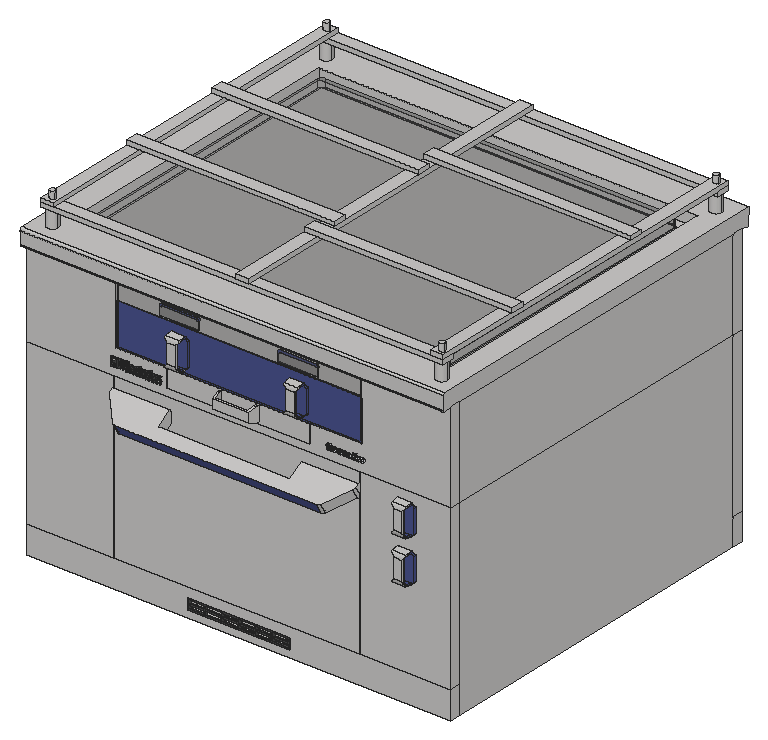
Revit family "QF_ELECTROLUXPROFESSIONAL_589885_MCLOECJ8DM", category Specialty Equipment, Revit 2014
Parameters
  Weight in Pounds = 487.22
  URL Cutsheet = ""
  Type Mark [instance] = ""
  Specification by User [instance] = ""
  Specification by Manufacturer = ""
  Serial Number = ""
  Seismic Rating = ""
  SMACNA No = ""
  Revision Code [instance] = ""
  Omniclass Number and Title = ""
  NAFEM Spec ID Number = ""
  Model = "589585"
  Masterspec = ""
  Manufacturer = "ELECTROLUX"
  Item Number [instance] = ""
  Installed By [instance] = ""
  Identify Quantity as Lot [instance] = yes
  Furnished By [instance] = ""
  Foodservice Equipment Identifier [instance] = yes
  Description = "FULL IND+STAT.OVEN,TAP(L)1S,1200X900X700"
  CSI MasterFormat = ""
  CSI Master Format = ""
Reference planes
  plane 1 "BACK": y = 0
  plane 2: z = 0
  plane 3 "LEFT": x = -100
  plane 4 "RIGHT": x = 900
  plane 5 "FRONT": y = -900
  plane 6 "TOP": z = 900
  plane 7 "Center (Left/Right)": x = 400
  plane 8: y = -450
  plane 9: z = 200
  plane 10: y = -150
  plane 11 "Panel": y = -855
  plane 12: z = 798
  plane 13: z = 1327
  plane 14: x = -22
  plane 15: x = 822
  plane 16: y = -150
  plane 17: y = -650
  plane 18 "EIx": x = 855
  plane 19 "EIy": y = -685
  plane 20: y = -880
  plane 21 "G1": z = 940
  plane 22 "TOPG": z = 975
  plane 23 "G2": z = 950
  plane 24 "G3": z = 960
  plane 25: x = -60
  plane 26: y = -45
  plane 27: x = 860
Forms (mm)
  Extrusion 1, solid, material "QF_Finishes_Stainless Steel"
    sketch origin (-178.969, -4572, 200) x (-1, 0, 0) y (0, -1, 0)
      loop
        line (-78.969, -4527) -> (-78.969, -3717) -> (-1078.969, -3717) -> (-1078.969, -4527) -> (-78.969, -4527)
    from 450 to 663
  Extrusion 2, solid, material "QF_Finishes_Stainless Steel"
    sketch origin (-100, 0, 0) x (0, 1, 0) y (0, 0, 1)
      loop
        line (-855, 200) -> (-855, 265) -> (-880, 265) -> (-880, 200) -> (-855, 200)
    from 0 to 1000
  Extrusion 3, solid, material "QF_Finishes_Stainless Steel"
    sketch origin (-488.969, -4662, 200) x (-1, 0, 0) y (0, -1, 0)
      loop
        circle (-1343.969, -3977) r 6.35
    from 0 to -11.851
  Extrusion 4, solid, material "QF_Finishes_Stainless Steel"
    sketch origin (400, 296.4, 1219.2) x (0, 1, 0) y (0, 0, 1)
      loop
        line (-296.4, -319.2) -> (-1191.4, -319.2)
        arc (-1191.4, -319.2) -> (-1194.935, -320.664) -> (-1196.4, -324.2) r 5
        line (-1196.4, -324.2) -> (-1196.4, -355.2)
        arc (-1196.4, -355.2) -> (-1194.971, -358.264) -> (-1191.705, -359.139) r 4
        line (-1191.705, -359.139) -> (-1176.4, -356.231) -> (-316.4, -356.231) -> (-301.094, -359.139)
        arc (-301.094, -359.139) -> (-297.829, -358.264) -> (-296.4, -355.2) r 4
        line (-296.4, -355.2) -> (-296.4, -319.2)
    from -500 to 500
  Extrusion 5, solid, material "QF_Finishes_Electrolux_Black Smoke Iluminated"
    sketch origin (0, 0, 900) x (-1, 0, 0) y (0, -1, 0)
      loop
        arc (12, 109) -> (19.071, 111.929) -> (22, 119) r 10
        line (22, 119) -> (22, 780)
        arc (22, 780) -> (19.071, 787.071) -> (12, 790) r 10
        line (12, 790) -> (-812, 790)
        arc (-812, 790) -> (-819.071, 787.071) -> (-822, 780) r 10
        line (-822, 780) -> (-822, 119)
        arc (-822, 119) -> (-819.071, 111.929) -> (-812, 109) r 10
        line (-812, 109) -> (12, 109)
    from 0 to -20
  Extrusion 6, solid, material "QF_Finishes_Stainless Steel"
    sketch origin (-178.969, -4572, 200) x (-1, 0, 0) y (0, -1, 0)
      loop
        line (-78.969, -4527) -> (-78.969, -3717) -> (-1078.969, -3717) -> (-1078.969, -4527) -> (-78.969, -4527)
    from 450 to 0
  Extrusion 7, void
    sketch origin (0, -855, 0) x (-1, 0, 0) y (0, 0, 1)
      loop
        line (-520, 216.594) -> (-280, 216.594) -> (-280, 241.594) -> (-520, 241.594) -> (-520, 216.594)
    from 0 to -25
  Extrusion 8, solid, material "QF_Finishes_Black"
    sketch origin (0, -855, 0) x (-1, 0, 0) y (0, 0, 1)
      loop
        line (-280, 241.594) -> (-520, 241.594) -> (-520, 216.594) -> (-280, 216.594) -> (-280, 241.594)
      loop
        line (-282, 239.594) -> (-319.131, 239.594) -> (-319.131, 230.094) -> (-282, 230.094) -> (-282, 239.594)
      loop
        line (-282, 218.594) -> (-282, 228.094) -> (-319.131, 228.094) -> (-319.131, 218.594) -> (-282, 218.594)
      loop
        line (-321.131, 239.594) -> (-359.066, 239.594) -> (-359.066, 230.094) -> (-321.131, 230.094) -> (-321.131, 239.594)
      loop
        line (-399, 239.594) -> (-399, 230.094) -> (-361.066, 230.094) -> (-361.066, 239.594) -> (-399, 239.594)
      loop
        line (-401, 239.594) -> (-438.934, 239.594) -> (-438.934, 230.094) -> (-401, 230.094) -> (-401, 239.594)
      loop
        line (-359.066, 218.594) -> (-321.131, 218.594) -> (-321.131, 228.094) -> (-359.066, 228.094) -> (-359.066, 218.594)
      loop
        line (-361.066, 218.594) -> (-361.066, 228.094) -> (-399, 228.094) -> (-399, 218.594) -> (-361.066, 218.594)
      loop
        line (-401, 228.094) -> (-438.934, 228.094) -> (-438.934, 218.594) -> (-401, 218.594) -> (-401, 228.094)
      loop
        line (-518, 239.594) -> (-518, 230.094) -> (-480.869, 230.094) -> (-480.869, 239.594) -> (-518, 239.594)
      loop
        line (-518, 218.594) -> (-480.869, 218.594) -> (-480.869, 228.094) -> (-518, 228.094) -> (-518, 218.594)
      loop
        line (-478.869, 239.594) -> (-478.869, 230.094) -> (-440.934, 230.094) -> (-440.934, 239.594) -> (-478.869, 239.594)
      loop
        line (-440.934, 218.594) -> (-440.934, 228.094) -> (-478.869, 228.094) -> (-478.869, 218.594) -> (-440.934, 218.594)
    from -25.03 to -20
  Extrusion 9, void
    sketch origin (0, 0, 900) x (-1, 0, 0) y (0, -1, 0)
      loop
        line (47, 815) -> (-847, 815) -> (-847, 84) -> (47, 84) -> (47, 815)
    from 0 to -25
  Extrusion 10, solid, material "QF_Finishes_Stainless Steel"
    sketch origin (0, 0, 900) x (-1, 0, 0) y (0, -1, 0)
      loop
        line (18, 113) -> (18, 786) -> (-818, 786) -> (-818, 113) -> (18, 113)
    from -20 to -25
  Extrusion 11, solid, material "QF_Finishes_Stainless Steel"
    sketch origin (400, 296.4, 1219.169) x (0, 1, 0) y (0, 0, 1)
      loop
        line (-341.4, -954.169) -> (-341.4, -1019.169) -> (-316.4, -1019.169) -> (-316.4, -954.169) -> (-341.4, -954.169)
    from -500 to 500
  Extrusion 12, solid, material "QF_Finishes_Stainless Steel"
    sketch origin (0, 0, 940) x (0, 1, 0) y (-1, 0, 0)
      loop
        line (-30, 75) -> (-60, 75) -> (-60, -875) -> (-30, -875) -> (-30, 75)
      loop
        line (-870, 75) -> (-870, -875) -> (-840, -875) -> (-840, 75) -> (-870, 75)
      loop
        circle (-855, 60) r 6.5
      loop
        circle (-855, -860) r 6.5
      loop
        circle (-45, 60) r 6.5
      loop
        circle (-45, -860) r 6.5
    from 0 to 10
  Extrusion 13, solid, material "QF_Finishes_Stainless Steel"
    sketch origin (0, 0, 950) x (0, 1, 0) y (-1, 0, 0)
      loop
        line (-30, 75) -> (-870, 75) -> (-870, 45) -> (-30, 45) -> (-30, 75)
      loop
        line (-30, -875) -> (-30, -845) -> (-870, -845) -> (-870, -875) -> (-30, -875)
      loop
        line (-30, -415) -> (-30, -385) -> (-870, -385) -> (-870, -415) -> (-30, -415)
      loop
        circle (-45, 60) r 6.5
      loop
        circle (-45, -860) r 6.5
      loop
        circle (-855, 60) r 6.5
      loop
        circle (-855, -860) r 6.5
    from 0 to 10
  Extrusion 14, solid, material "QF_Finishes_Stainless Steel"
    sketch origin (0, 0, 960) x (0, 1, 0) y (-1, 0, 0)
      loop
        line (-336, 75) -> (-366, 75) -> (-366, -415) -> (-336, -415) -> (-336, 75)
      loop
        line (-586, 75) -> (-616, 75) -> (-616, -415) -> (-586, -415) -> (-586, 75)
      loop
        line (-286, -385) -> (-316, -385) -> (-316, -875) -> (-286, -875) -> (-286, -385)
      loop
        line (-636, -385) -> (-666, -385) -> (-666, -875) -> (-636, -875) -> (-636, -385)
    from 0 to 10
  Extrusion 15, solid, material "QF_Finishes_Stainless Steel"
    sketch origin (0, -1, 900) x (-1, 0, 0) y (0, -1, 0)
      loop
        circle (60, 44) r 13
      loop
        circle (-860, 44) r 13
      loop
        circle (60, 854) r 13
      loop
        circle (-860, 854) r 13
    from 0 to 40
  Extrusion 16, solid, material "QF_Finishes_Stainless Steel"
    sketch origin (0, -1, 940) x (0, 1, 0) y (-1, 0, 0)
      loop
        circle (-854, 60) r 6.5
      loop
        circle (-854, -860) r 6.5
      loop
        circle (-44, 60) r 6.5
      loop
        circle (-44, -860) r 6.5
    from 0 to 35
  Extrusion 17, void
    sketch origin (0, 55, 0) x (-1, 0, 0) y (0, 0, -1)
      loop
        line (-520, -216.594) -> (-520, -241.594) -> (-280, -241.594) -> (-280, -216.594) -> (-520, -216.594)
    from 100 to 73.291
  Extrusion 18, solid, material "QF_Finishes_Black"
    sketch origin (0, -45, 0) x (-1, 0, 0) y (0, 0, -1)
      loop
        line (-280, -241.594) -> (-280, -216.594) -> (-520, -216.594) -> (-520, -241.594) -> (-280, -241.594)
      loop
        line (-282, -239.594) -> (-282, -230.094) -> (-319.131, -230.094) -> (-319.131, -239.594) -> (-282, -239.594)
      loop
        line (-282, -218.594) -> (-319.131, -218.594) -> (-319.131, -228.094) -> (-282, -228.094) -> (-282, -218.594)
      loop
        line (-321.131, -239.594) -> (-321.131, -230.094) -> (-359.066, -230.094) -> (-359.066, -239.594) -> (-321.131, -239.594)
      loop
        line (-399, -239.594) -> (-361.066, -239.594) -> (-361.066, -230.094) -> (-399, -230.094) -> (-399, -239.594)
      loop
        line (-401, -239.594) -> (-401, -230.094) -> (-438.934, -230.094) -> (-438.934, -239.594) -> (-401, -239.594)
      loop
        line (-359.066, -218.594) -> (-359.066, -228.094) -> (-321.131, -228.094) -> (-321.131, -218.594) -> (-359.066, -218.594)
      loop
        line (-361.066, -218.594) -> (-399, -218.594) -> (-399, -228.094) -> (-361.066, -228.094) -> (-361.066, -218.594)
      loop
        line (-401, -228.094) -> (-401, -218.594) -> (-438.934, -218.594) -> (-438.934, -228.094) -> (-401, -228.094)
      loop
        line (-518, -239.594) -> (-480.869, -239.594) -> (-480.869, -230.094) -> (-518, -230.094) -> (-518, -239.594)
      loop
        line (-518, -218.594) -> (-518, -228.094) -> (-480.869, -228.094) -> (-480.869, -218.594) -> (-518, -218.594)
      loop
        line (-478.869, -239.594) -> (-440.934, -239.594) -> (-440.934, -230.094) -> (-478.869, -230.094) -> (-478.869, -239.594)
      loop
        line (-440.934, -218.594) -> (-478.869, -218.594) -> (-478.869, -228.094) -> (-440.934, -228.094) -> (-440.934, -218.594)
    from -25.03 to -20
Cuts and joins
  Extrusion 7, Extrusion 17 cuts Extrusion 6
  Extrusion 7, Extrusion 17 cuts Extrusion 2
  Extrusion 9 cuts Extrusion 4
  Extrusion 17 cuts Extrusion 8
  Extrusion 17 cuts Extrusion 11
Lines and regions (mm)
  symbolic lines
    curve 1: line (-100, 0, 200) -> (900, 0, 200)
    curve 2: line (-100, -900, 200) -> (-100, 0, 200)
    curve 3: line (900, -900, 200) -> (-100, -900, 200)
    curve 4: line (900, 0, 200) -> (900, -900, 200)
    curve 5: line (812, -109, 200) -> (415, -109, 200)
    curve 6: line (-22, -119, 200) -> (-22, -780, 200)
    curve 7: line (-12, -790, 200) -> (385, -790, 200)
    curve 8: line (822, -780, 200) -> (822, -666, 200)
    curve 9: arc (-12, -109, 200) -> (-19.071, -111.929, 200) -> (-22, -119, 200) r 10
    curve 10: arc (822, -119, 200) -> (819.071, -111.929, 200) -> (812, -109, 200) r 10
    curve 11: arc (812, -790, 200) -> (819.071, -787.071, 200) -> (822, -780, 200) r 10
    curve 12: arc (-22, -780, 200) -> (-19.071, -787.071, 200) -> (-12, -790, 200) r 10
    curve 13: line (847, -84, 900) -> (415, -84, 900)
    curve 14: line (-45, -815, 900) -> (385, -815, 900)
    curve 31: line (875, -30, 940) -> (-75, -30, 940)
    curve 32: line (-75, -30, 940) -> (-75, -870, 940)
    curve 33: line (875, -870, 940) -> (875, -30, 940)
    curve 34: line (-75, -870, 940) -> (875, -870, 940)
    curve 35: line (-45, -870, 940) -> (-45, -616, 940)
    curve 36: line (-75, -616, 940) -> (415, -616, 940)
    curve 37: line (415, -586, 940) -> (-75, -586, 940)
    curve 38: line (385, -666, 940) -> (875, -666, 940)
    curve 39: line (875, -636, 940) -> (385, -636, 940)
    curve 40: line (385, -316, 940) -> (875, -316, 940)
    curve 41: line (875, -286, 940) -> (385, -286, 940)
    curve 42: line (-75, -366, 940) -> (415, -366, 940)
    curve 43: line (415, -336, 940) -> (-75, -336, 940)
    curve 44: line (-45, -30, 940) -> (-45, -336, 940)
    curve 45: line (-45, -366, 940) -> (-45, -586, 940)
    curve 46: line (-45, -616, 940) -> (-45, -870, 940)
    curve 47: line (-45, -840, 940) -> (385, -840, 940)
    curve 48: line (415, -840, 940) -> (845, -840, 940)
    curve 49: line (415, -870, 940) -> (415, -666, 940)
    curve 50: line (385, -616, 940) -> (385, -870, 940)
    curve 51: line (415, -636, 940) -> (415, -316, 940)
    curve 52: line (385, -366, 940) -> (385, -586, 940)
    curve 53: line (415, -30, 940) -> (415, -286, 940)
    curve 54: line (385, -336, 940) -> (385, -30, 940)
    curve 55: line (845, -30, 940) -> (845, -286, 940)
    curve 56: line (845, -316, 940) -> (845, -636, 940)
    curve 57: line (845, -666, 940) -> (845, -870, 940)
    curve 58: line (385, -84, 900) -> (-45, -84, 900)
    curve 59: line (385, -109, 200) -> (-12, -109, 200)
    curve 60: line (-45, -60, 940) -> (385, -60, 940)
    curve 61: line (415, -60, 940) -> (845, -60, 940)
    curve 62: line (415, -790, 200) -> (812, -790, 200)
    curve 63: line (415, -815, 900) -> (845, -815, 900)
    curve 64: circle (-60, -45, 940) r 6.5 normal (0, 0, -1)
    curve 65: circle (860, -45, 940) r 6.5 normal (0, 0, -1)
    curve 66: circle (-60, -855, 940) r 6.5 normal (0, 0, 1)
    curve 67: circle (860, -855, 940) r 6.5 normal (0, 0, 1)
    curve 68: line (822, -286, 200) -> (822, -119, 200)
    curve 69: line (822, -636, 200) -> (822, -316, 200)
  model lines, style "SpecialityEquipment"
    curve 15: arc (634, -211, 900) -> (580.967, -339.033, 900) -> (709, -286, 900) r 75
    curve 16: line (689, -286, 900) -> (729, -286, 900)
    curve 17: line (729, -286, 900) -> (709, -266, 900)
    curve 18: line (689, -286, 900) -> (709, -266, 900)
    curve 19: arc (166, -211, 900) -> (112.967, -339.033, 900) -> (241, -286, 900) r 75
    curve 20: line (221, -286, 900) -> (261, -286, 900)
    curve 21: line (261, -286, 900) -> (241, -266, 900)
    curve 22: line (221, -286, 900) -> (241, -266, 900)
    curve 23: arc (634, -539, 900) -> (580.967, -667.033, 900) -> (709, -614, 900) r 75
    curve 24: line (689, -614, 900) -> (729, -614, 900)
    curve 25: line (729, -614, 900) -> (709, -594, 900)
    curve 26: line (689, -614, 900) -> (709, -594, 900)
    curve 27: arc (166, -539, 900) -> (112.967, -667.033, 900) -> (241, -614, 900) r 75
    curve 28: line (221, -614, 900) -> (261, -614, 900)
    curve 29: line (261, -614, 900) -> (241, -594, 900)
    curve 30: line (221, -614, 900) -> (241, -594, 900)
Dimensions and locks
  plane 3 "LEFT" to plane 4 "RIGHT" = 1000 mm
  plane 5 "FRONT" to plane 1 "BACK" = 900 mm
  plane 3 "LEFT" to plane 7 "Center (Left/Right)" to plane 4 "RIGHT" = 500 mm, 500 mm
  equal spacing: plane 5 "FRONT", plane 8, plane 1 "BACK"
  plane 6 "TOP" to level = 900 mm  (x2)
  plane 9 to level = 200 mm
  plane 1 "BACK" to plane 10 to plane 11 "Panel" = 150 mm, 705 mm  (x2)
  plane 6 "TOP" to plane 9 to level = 700 mm, 200 mm
  plane 1 "BACK" to plane 5 "FRONT" = 900 mm
  plane 1 "BACK" to Extrusion 3 = 685 mm
  plane 12 to plane 9 = 598 mm
  plane 13 to plane 6 "TOP" = 427 mm
  plane 6 "TOP" to plane 12 = 102 mm
  plane 14 to plane 3 "LEFT" = 78 mm
  plane 15 to plane 4 "RIGHT" = 78 mm
  locked: plane 1 "BACK" to plane 16 at 150
  locked: plane 16 to plane 17 at 500
  plane 11 "Panel" to plane 5 "FRONT" = 45 mm
  plane 18 "EIx" to plane 4 "RIGHT" = 45 mm
  plane 19 "EIy" to plane 1 "BACK" = 685 mm
  locked: plane 11 "Panel" to plane 20 at 25
  plane 22 "TOPG" to plane 6 "TOP" = 75 mm
  plane 21 "G1" to plane 6 "TOP" = 40 mm
  plane 23 "G2" to plane 21 "G1" = 10 mm
  plane 24 "G3" to plane 23 "G2" = 10 mm
  aligned and locked: level to plane 2
  aligned and locked: Extrusion 2 to plane 4 "RIGHT"
  aligned and locked: cut or joined group of Extrusion 4, Extrusion 9 to plane 3 "LEFT"
  aligned and locked: cut or joined group of Extrusion 4, Extrusion 9 to plane 4 "RIGHT"
  aligned and locked: cut or joined group of Extrusion 6, Extrusion 7, Extrusion 17 to plane 4 "RIGHT"
  aligned and locked: cut or joined group of Extrusion 6, Extrusion 7, Extrusion 17 to plane 3 "LEFT"
  aligned and locked: nested 1 to plane 11 "Panel"
  aligned and locked: nested 4 to plane 11 "Panel"
  aligned and locked: Extrusion 1 to plane 11 "Panel"
  aligned and locked: plane 11 "Panel" to cut or joined group of Extrusion 2, Extrusion 7, Extrusion 17
  aligned and locked: nested 2 to plane 20
  aligned and locked: nested 3 to plane 20
  aligned and locked: Extrusion 11 to plane 4 "RIGHT"
  aligned and locked: Extrusion 1 to plane 3 "LEFT"
  aligned and locked: Extrusion 11 to plane 3 "LEFT"
  aligned and locked: Extrusion 1 to plane 4 "RIGHT"
  aligned and locked: plane 3 "LEFT" to nested 1
  aligned and locked: Extrusion 11 to plane 9
  aligned and locked: plane 22 "TOPG" to Extrusion 16
  aligned and locked: nested 5 to plane 26
  aligned and locked: plane 26 to nested 6
  aligned and locked: nested 6 to plane 3 "LEFT"
Automatic sketch dimensions
  Extrusion 1 sketch curve to plane 4 "RIGHT" = 0 mm
  Extrusion 1 sketch curve to plane 3 "LEFT" = 0 mm
  Extrusion 1 sketch curve to plane 26 = 0 mm
  Extrusion 1 sketch curve to plane 11 "Panel" = 0 mm
  Extrusion 2 sketch curve to plane 9 = 0 mm
  Extrusion 2 sketch curve to plane 20 = 0 mm
  Extrusion 2 sketch curve to plane 11 "Panel" = 0 mm
  plane 9 to Extrusion 2 sketch curve = 65 mm
  plane 1 "BACK" to curve 1 = 0 mm
  curve 1 to plane 4 "RIGHT" = 0 mm
  curve 68 to plane 15 = 0 mm
  curve 69 to plane 15 = 0 mm
  curve 8 to plane 15 = 0 mm
  curve 6 to plane 14 = 0 mm
  curve 2 to plane 3 "LEFT" = 0 mm
  plane 5 "FRONT" to curve 2 = 0 mm
  plane 15 to curve 11 = 10 mm
  plane 15 to curve 5 = 10 mm
  curve 59 to plane 14 = 10 mm
  curve 12 to curve 12 = 10 mm
  plane 10 to curve 59 = 41 mm
  plane 10 to curve 5 = 41 mm
  plane 11 "Panel" to curve 6 = 75 mm
  plane 11 "Panel" to curve 8 = 75 mm
  plane 7 "Center (Left/Right)" to curve 5 = 15 mm
  plane 7 "Center (Left/Right)" to curve 62 = 15 mm
  curve 7 to plane 7 "Center (Left/Right)" = 15 mm
  curve 59 to plane 7 "Center (Left/Right)" = 15 mm
  curve 68 to plane 10 = 136 mm
  curve 68 to curve 69 = 30 mm
  curve 69 to plane 17 = 14 mm
  plane 17 to curve 8 = 16 mm
  Extrusion 3 sketch curve to plane 18 "EIx" = 0 mm
  Extrusion 3 sketch curve to plane 19 "EIy" = 0 mm
  Extrusion 4 sketch curve to plane 5 "FRONT" = 0 mm
  Extrusion 4 sketch curve to plane 6 "TOP" = 0 mm
  Extrusion 4 sketch curve to plane 20 = 0 mm
  Extrusion 4 sketch curve to plane 1 "BACK" = 0 mm
  Extrusion 4 sketch curve to Extrusion 4 sketch curve = 4 mm
  Extrusion 4 sketch curve to Extrusion 4 sketch curve = 0.695 mm
  Extrusion 4 sketch curve to plane 5 "FRONT" = 5 mm
  plane 1 "BACK" to Extrusion 4 sketch curve = 20 mm
  plane 1 "BACK" to Extrusion 4 sketch curve = 4.695 mm
  plane 1 "BACK" to Extrusion 4 sketch curve = 4 mm
  Extrusion 4 sketch curve to Extrusion 4 sketch curve = 31 mm
  Extrusion 4 sketch curve to Extrusion 4 sketch curve = 36 mm
  Extrusion 4 sketch curve to Extrusion 4 sketch curve = 2.909 mm
  Extrusion 5 sketch curve to plane 15 = 0 mm
  Extrusion 5 sketch curve to plane 14 = 0 mm
  plane 15 to Extrusion 5 sketch curve = 10 mm  (x2)
  Extrusion 5 sketch curve to Extrusion 5 sketch curve = 10 mm  (x2)
  plane 10 to Extrusion 5 sketch curve = 41 mm
  plane 11 "Panel" to Extrusion 5 sketch curve = 75 mm
  Extrusion 6 sketch curve to plane 4 "RIGHT" = 0 mm
  Extrusion 6 sketch curve to plane 3 "LEFT" = 0 mm
  Extrusion 6 sketch curve to plane 26 = 0 mm
  Extrusion 6 sketch curve to plane 11 "Panel" = 0 mm
  plane 9 to Extrusion 7 sketch curve = 41.594 mm
  plane 7 "Center (Left/Right)" to Extrusion 7 sketch curve = 120 mm
  Extrusion 7 sketch curve to plane 7 "Center (Left/Right)" = 120 mm
  plane 9 to Extrusion 7 sketch curve = 16.594 mm
  plane 9 to Extrusion 8 sketch curve = 41.594 mm
  plane 7 "Center (Left/Right)" to Extrusion 8 sketch curve = 120 mm
  Extrusion 8 sketch curve to Extrusion 8 sketch curve = 2 mm  (x16)
  Extrusion 8 sketch curve to Extrusion 8 sketch curve = 0 mm  (x15)
  Extrusion 8 sketch curve to Extrusion 8 sketch curve = 37.131 mm  (x2)
  Extrusion 8 sketch curve to Extrusion 8 sketch curve = 37.934 mm  (x3)
  plane 7 "Center (Left/Right)" to Extrusion 8 sketch curve = 1 mm  (x2)
  Extrusion 8 sketch curve to plane 7 "Center (Left/Right)" = 1 mm  (x2)
  plane 9 to Extrusion 8 sketch curve = 18.594 mm  (x4)
  Extrusion 8 sketch curve to Extrusion 8 sketch curve = 9.5 mm  (x6)
  plane 18 "EIx" to Extrusion 9 sketch curve = 8 mm
  plane 25 to Extrusion 9 sketch curve = 13 mm
  Extrusion 9 sketch curve to plane 26 = 39 mm
  plane 11 "Panel" to Extrusion 9 sketch curve = 40 mm
  plane 15 to Extrusion 10 sketch curve = 4 mm
  Extrusion 10 sketch curve to plane 14 = 4 mm
  plane 10 to Extrusion 10 sketch curve = 37 mm
  plane 11 "Panel" to Extrusion 10 sketch curve = 69 mm
  plane 15 to curve 16 = 93 mm
  curve 24 to plane 17 = 36 mm
  plane 15 to curve 24 = 93 mm
  curve 24 to curve 25 = 20 mm
  curve 16 to curve 17 = 20 mm
  curve 25 to curve 26 = 20 mm
  curve 17 to curve 16 = 20 mm
  curve 16 to curve 15 = 55 mm
  curve 24 to curve 23 = 55 mm
  curve 21 to plane 7 "Center (Left/Right)" = 139 mm
  curve 29 to plane 17 = 36 mm
  curve 29 to plane 7 "Center (Left/Right)" = 139 mm
  curve 28 to curve 30 = 20 mm
  curve 20 to curve 22 = 20 mm
  curve 21 to curve 22 = 20 mm
  curve 29 to curve 28 = 20 mm
  curve 20 to curve 19 = 55 mm
  curve 28 to curve 27 = 55 mm
  curve 18 to plane 10 = 136 mm
  curve 22 to plane 10 = 136 mm
  plane 18 "EIx" to curve 63 = 10 mm
  plane 18 "EIx" to curve 13 = 8 mm
  curve 15 to curve 16 = 20 mm
  curve 24 to curve 23 = 20 mm
  plane 7 "Center (Left/Right)" to curve 13 = 15 mm
  plane 7 "Center (Left/Right)" to curve 63 = 15 mm
  curve 58 to plane 7 "Center (Left/Right)" = 15 mm
  curve 14 to plane 7 "Center (Left/Right)" = 15 mm
  curve 19 to curve 20 = 20 mm
  curve 27 to curve 28 = 20 mm
  plane 25 to curve 14 = 15 mm
  plane 25 to curve 58 = 15 mm
  curve 13 to plane 26 = 39 mm
  curve 58 to curve 13 = 0 mm
  plane 11 "Panel" to curve 14 = 40 mm
  curve 14 to curve 63 = 0 mm
  Extrusion 11 sketch curve to plane 9 = 0 mm
  Extrusion 11 sketch curve to plane 26 = 0 mm
  plane 1 "BACK" to Extrusion 11 sketch curve = 20 mm
  Extrusion 11 sketch curve to Extrusion 11 sketch curve = 65 mm
  Extrusion 12 sketch curve to plane 11 "Panel" = 0 mm  (x2)
  Extrusion 12 sketch curve to plane 25 = 0 mm  (x2)
  Extrusion 12 sketch curve to plane 26 = 0 mm  (x2)
  Extrusion 12 sketch curve to plane 27 = 0 mm  (x2)
  Extrusion 12 sketch curve to plane 20 = 10 mm
  plane 11 "Panel" to Extrusion 12 sketch curve = 15 mm
  Extrusion 12 sketch curve to plane 26 = 15 mm
  plane 26 to Extrusion 12 sketch curve = 15 mm
  plane 27 to Extrusion 12 sketch curve = 15 mm  (x2)
  Extrusion 12 sketch curve to plane 25 = 15 mm  (x2)
  Extrusion 13 sketch curve to plane 11 "Panel" = 0 mm  (x2)
  Extrusion 13 sketch curve to plane 26 = 0 mm  (x2)
  Extrusion 13 sketch curve to plane 25 = 0 mm  (x2)
  Extrusion 13 sketch curve to plane 27 = 0 mm  (x2)
  Extrusion 13 sketch curve to plane 20 = 10 mm  (x3)
  plane 26 to Extrusion 13 sketch curve = 15 mm  (x3)
  plane 27 to Extrusion 13 sketch curve = 15 mm
  plane 18 "EIx" to Extrusion 13 sketch curve = 10 mm
  plane 7 "Center (Left/Right)" to Extrusion 13 sketch curve = 15 mm
  Extrusion 13 sketch curve to plane 7 "Center (Left/Right)" = 15 mm
  plane 25 to Extrusion 13 sketch curve = 15 mm
  Extrusion 13 sketch curve to plane 25 = 15 mm
  plane 17 to Extrusion 14 sketch curve = 16 mm
  Extrusion 14 sketch curve to plane 17 = 14 mm
  Extrusion 14 sketch curve to plane 25 = 15 mm  (x2)
  Extrusion 14 sketch curve to plane 17 = 34 mm
  Extrusion 14 sketch curve to Extrusion 14 sketch curve = 30 mm  (x3)
  plane 8 to Extrusion 14 sketch curve = 84 mm
  Extrusion 14 sketch curve to plane 7 "Center (Left/Right)" = 15 mm  (x2)
  Extrusion 14 sketch curve to Extrusion 14 sketch curve = 20 mm
  plane 7 "Center (Left/Right)" to Extrusion 14 sketch curve = 15 mm  (x2)
  plane 27 to Extrusion 14 sketch curve = 15 mm  (x2)
  Extrusion 15 sketch curve to plane 26 = 0 mm  (x2)
  Extrusion 15 sketch curve to plane 27 = 0 mm  (x2)
  Extrusion 15 sketch curve to plane 11 "Panel" = 0 mm  (x2)
  Extrusion 15 sketch curve to plane 25 = 0 mm  (x2)
  Extrusion 16 sketch curve to plane 11 "Panel" = 0 mm  (x2)
  Extrusion 16 sketch curve to plane 26 = 0 mm  (x2)
  Extrusion 16 sketch curve to plane 25 = 0 mm  (x2)
  Extrusion 16 sketch curve to plane 27 = 0 mm  (x2)
  curve 66 to plane 11 "Panel" = 0 mm
  curve 67 to plane 11 "Panel" = 0 mm
  curve 64 to plane 25 = 0 mm
  curve 64 to plane 26 = 0 mm
  curve 65 to plane 26 = 0 mm
  curve 65 to plane 27 = 0 mm
  curve 67 to plane 27 = 0 mm
  curve 66 to plane 25 = 0 mm
  curve 34 to plane 20 = 10 mm
  plane 26 to curve 33 = 15 mm
  plane 27 to curve 33 = 15 mm
  curve 32 to plane 25 = 15 mm
  plane 11 "Panel" to curve 47 = 15 mm
  plane 11 "Panel" to curve 48 = 15 mm
  plane 17 to curve 57 = 16 mm
  curve 56 to plane 17 = 14 mm
  curve 39 to curve 50 = 20 mm
  plane 25 to curve 45 = 15 mm
  curve 35 to curve 45 = 30 mm
  curve 52 to plane 7 "Center (Left/Right)" = 15 mm
  plane 8 to curve 52 = 84 mm
  curve 54 to plane 7 "Center (Left/Right)" = 15 mm
  curve 52 to curve 54 = 30 mm
  curve 43 to curve 51 = 20 mm
  curve 51 to curve 53 = 30 mm
  curve 60 to plane 26 = 15 mm
  curve 61 to plane 26 = 15 mm
  plane 18 "EIx" to curve 57 = 10 mm
  plane 18 "EIx" to curve 56 = 10 mm
  plane 18 "EIx" to curve 55 = 10 mm
  plane 7 "Center (Left/Right)" to curve 49 = 15 mm
  plane 7 "Center (Left/Right)" to curve 61 = 15 mm
  plane 7 "Center (Left/Right)" to curve 51 = 15 mm
  curve 38 to plane 7 "Center (Left/Right)" = 15 mm
  plane 25 to curve 46 = 15 mm
  plane 25 to curve 47 = 15 mm
  plane 25 to curve 44 = 15 mm
  plane 9 to Extrusion 17 sketch curve = 41.594 mm
  plane 7 "Center (Left/Right)" to Extrusion 17 sketch curve = 120 mm
  Extrusion 17 sketch curve to plane 7 "Center (Left/Right)" = 120 mm
  plane 9 to Extrusion 17 sketch curve = 16.594 mm
  plane 9 to Extrusion 18 sketch curve = 41.594 mm
  plane 7 "Center (Left/Right)" to Extrusion 18 sketch curve = 120 mm
  Extrusion 18 sketch curve to Extrusion 18 sketch curve = 2 mm  (x19)
  Extrusion 18 sketch curve to Extrusion 18 sketch curve = 0 mm  (x15)
  Extrusion 18 sketch curve to Extrusion 18 sketch curve = 37.131 mm  (x2)
  Extrusion 18 sketch curve to Extrusion 18 sketch curve = 37.934 mm  (x3)
  plane 7 "Center (Left/Right)" to Extrusion 18 sketch curve = 1 mm  (x2)
  Extrusion 18 sketch curve to plane 7 "Center (Left/Right)" = 1 mm  (x2)
  plane 9 to Extrusion 18 sketch curve = 18.594 mm
  plane 9 to Extrusion 18 sketch curve = 39.594 mm
  Extrusion 18 sketch curve to Extrusion 18 sketch curve = 9.5 mm  (x5)
  radius of Extrusion 3 sketch curve = 6.35 mm
  radius of Extrusion 12 sketch curve = 6.5 mm  (x4)
  radius of Extrusion 13 sketch curve = 6.5 mm  (x4)
  radius of Extrusion 15 sketch curve = 13 mm  (x4)
  radius of Extrusion 16 sketch curve = 6.5 mm  (x4)
  radius of curve 64 = 6.5 mm
  radius of curve 65 = 6.5 mm
  radius of curve 66 = 6.5 mm
  radius of curve 67 = 6.5 mm
Nested families
  nested 1: "Door_Panel_W1000_A" at (400, -855, 0), type "Door_Panel_W1000_A"
  nested 2: "FIT Range Control Handle" at (795, -883.137, -372.751), type "FIT Range Control Handle"
  nested 3: "FIT Range Control Handle" at (795, -883.137, -474.751), type "FIT Range Control Handle"
  nested 4: "Front_Panel_W1000_Two Knobs" at (102.376, -855, 0), type "Front_Panel_W1000_Two Knobs"
  nested 5: "Door_Panel_W1000_A" at (400, -45, 0), type "Door_Panel_W1000_A"
  nested 6: "Front_Panel_W1000_Two Knobs_Back" at (697.624, -45, 0) x (-1, 0, 0) z (0, 0, 1), type "Front_Panel_W1000_Two Knobs_Back"
Connectors
  electrical at (855, -685, 188.149)
    settings: on Extrusion 3, index 1, voltage 400 V, apparent load 33000 VA, apparent load phase1 0 VA, apparent load phase2 0 VA, apparent load phase3 0 VA, power factor 1, load classification "Other", number of poles 1, system type 30, power factor state 1, is connector primary yes, connector utility no, sub classification motor no, connector description "ELECTRICAL CONNECTION"
Definition of nested family "Door_Panel_W1000_A"
  Reference planes
    plane 1 "Center (Front/Back)": y = 0
    plane 2 "Ref. Level": z = 0
    plane 3: x = 500
    plane 4: x = -500
    plane 5 "Center (Left/Right)": x = 0
    plane 6: x = -295
    plane 7: x = 285
    plane 8 "Manopola": through (-6096, -50.059, 612.389) normal (0, -0.515, 0.8572)
    plane 9 "Top": z = 650
    plane 10: z = 265
    plane 11: z = 200
  Forms (mm)
    Extrusion 1, solid, material "QF_Finishes_Stainless Steel"
      sketch origin (0, 0, 0) x (0, 1, 0) y (0, 0, 1)
        loop
          line (-25.03, 650) -> (-25.03, 265) -> (0, 265) -> (0, 650) -> (-25.03, 650)
      from 285 to 500
    Extrusion 2, solid, material "QF_Finishes_Stainless Steel"
      sketch origin (0, 0, 0) x (0, 1, 0) y (0, 0, 1)
        loop
          line (-25.03, 650) -> (-25.03, 265) -> (0, 265) -> (0, 650) -> (-25.03, 650)
      from -500 to -295
    Extrusion 3, solid, material "QF_Finishes_Stainless Steel"
      sketch origin (0, 0, 0) x (0, 1, 0) y (0, 0, 1)
        loop
          line (-25.03, 650) -> (-25.03, 265) -> (0, 265) -> (0, 650) -> (-25.03, 650)
      from -295 to 285
    Extrusion 4, solid, material "QF_Finishes_Stainless Steel"
      sketch origin (0, -283.633, 472.044) x (0, 0.857167, 0.515038) y (-1, 0, 0)
        loop
          line (299.12, -285) -> (299.12, 295) -> (290.982, 295)
          arc (290.982, 295) -> (286.677, 294.026) -> (283.211, 291.293) r 10
          line (283.211, 291.293) -> (233.28, 250.86)
          arc (233.28, 250.86) -> (230.548, 247.394) -> (229.574, 243.089) r 10
          line (229.574, 243.089) -> (229.574, -233.089)
          arc (229.574, -233.089) -> (230.548, -237.394) -> (233.28, -240.86) r 10
          line (233.28, -240.86) -> (283.211, -281.293)
          arc (283.211, -281.293) -> (286.677, -284.026) -> (290.982, -285) r 10
          line (290.982, -285) -> (299.12, -285)
      from -27 to 0
    Extrusion 5, void
      sketch origin (0, 0, 0) x (0, 1, 0) y (0, 0, 1)
        loop
          line (-61.514, 605.507) -> (-47.608, 582.363) -> (-25.03, 595.93) -> (-25.03, 627.429) -> (-61.514, 605.507)
      from -160 to 150
    Extrusion 6, solid, material "QF_Door-Drawer Clearances", detail levels coarse
      sketch origin (0, 0, 0) x (0, 1, 0) y (0, 0, 1)
        loop
          line (-25.03, 265) -> (-25.03, 650)
          arc (-25.03, 650) -> (-297.266, 537.236) -> (-410.03, 265) r 385
          line (-410.03, 265) -> (-25.03, 265)
      from -295 to 285
  Cuts and joins
    Extrusion 5 cuts Extrusion 4
    joined: Extrusion 3, Extrusion 4
  Lines and regions (mm)
    symbolic lines
      curve 1: line (-287.355, -45.043, 0) -> (-250.86, -83.673, 0)
      curve 2: line (-243.089, -86.85, 0) -> (233.089, -86.85, 0)
      curve 3: line (240.86, -83.673, 0) -> (277.355, -45.043, 0)
      curve 4: arc (-243.089, -86.85, 0) -> (-247.318, -86.101, 0) -> (-250.86, -83.673, 0) r 10.165
      curve 5: arc (233.089, -86.85, 0) -> (237.318, -86.101, 0) -> (240.86, -83.673, 0) r 10.165
    symbolic lines, style "SpecialityEquipmentHiddenLines"
      curve 6: line (-295, -45.043, 0) -> (-295, -410.03, 0)
      curve 7: line (-295, -410.03, 0) -> (285, -410.03, 0)
      curve 8: line (285, -410.03, 0) -> (285, -45.03, 0)
  Dimensions and locks
    plane 3 to plane 4 = 1000 mm
    plane 4 to plane 3 = 1000 mm
    equal spacing: plane 3, plane 5 "Center (Left/Right)", plane 4
    plane 6 to plane 4 = 205 mm
    plane 3 to plane 7 = 215 mm
    plane 11 to level = 200 mm
    plane 10 to plane 11 = 65 mm
    plane 10 to plane 9 "Top" = 385 mm
    plane 9 "Top" to plane 11 = 450 mm
    aligned and locked: plane 3 to Extrusion 1
    aligned and locked: cut or joined group of Extrusion 3, Extrusion 4, Extrusion 5 to plane 6
    aligned and locked: cut or joined group of Extrusion 3, Extrusion 4, Extrusion 5 to plane 7
    aligned and locked: plane 7 to Extrusion 1
    aligned and locked: plane 6 to Extrusion 2
    aligned and locked: Extrusion 2 to plane 4
    aligned and locked: plane 10 to Extrusion 2
    aligned and locked: plane 10 to cut or joined group of Extrusion 3, Extrusion 4, Extrusion 5
    aligned and locked: plane 10 to Extrusion 1
    aligned and locked: Extrusion 6 to plane 6
    aligned and locked: Extrusion 6 to plane 7
  Automatic sketch dimensions
    Extrusion 5 sketch curve to plane 8 "Manopola" = 0 mm  (x2)
    plane 1 "Center (Front/Back)" to Extrusion 5 sketch curve = 61.514 mm
    Extrusion 5 sketch curve to Extrusion 5 sketch curve = 13.906 mm
    plane 1 "Center (Front/Back)" to Extrusion 5 sketch curve = 25.03 mm
    Extrusion 4 sketch curve to plane 7 = 0 mm
    Extrusion 4 sketch curve to plane 6 = 0 mm
    plane 6 to Extrusion 4 sketch curve = 51.911 mm
    plane 7 to Extrusion 4 sketch curve = 44.14 mm
    Extrusion 4 sketch curve to Extrusion 4 sketch curve = 3.707 mm  (x2)
    plane 6 to Extrusion 4 sketch curve = 44.14 mm
    plane 7 to Extrusion 4 sketch curve = 3.707 mm
    Extrusion 4 sketch curve to Extrusion 4 sketch curve = 49.93 mm  (x2)
    plane 6 to Extrusion 4 sketch curve = 3.707 mm
    Extrusion 4 sketch curve to Extrusion 4 sketch curve = 7.771 mm  (x3)
    Extrusion 4 sketch curve to Extrusion 4 sketch curve = 8.138 mm
    Extrusion 2 sketch curve to plane 1 "Center (Front/Back)" = 0 mm
    Extrusion 3 sketch curve to plane 1 "Center (Front/Back)" = 0 mm
    Extrusion 1 sketch curve to plane 1 "Center (Front/Back)" = 0 mm
    Extrusion 2 sketch curve to plane 9 "Top" = 0 mm
    Extrusion 2 sketch curve to Extrusion 2 sketch curve = 25.03 mm
    Extrusion 3 sketch curve to plane 9 "Top" = 0 mm
    Extrusion 3 sketch curve to Extrusion 3 sketch curve = 25.03 mm
    Extrusion 1 sketch curve to plane 9 "Top" = 0 mm
    plane 1 "Center (Front/Back)" to Extrusion 1 sketch curve = 25.03 mm
    level to Extrusion 1 sketch curve = 265 mm
    level to Extrusion 2 sketch curve = 265 mm
    level to Extrusion 3 sketch curve = 265 mm
    plane 10 to Extrusion 6 sketch curve = 0 mm
    Extrusion 6 sketch curve to plane 9 "Top" = 0 mm
    plane 1 "Center (Front/Back)" to Extrusion 6 sketch curve = 25.03 mm
    curve 7 to plane 7 = 0 mm
    plane 6 to curve 1 = 44.14 mm
    curve 4 to curve 4 = 7.389 mm
    curve 4 to curve 2 = 7.771 mm
    plane 7 to curve 2 = 51.911 mm
    curve 2 to curve 5 = 0.382 mm
    curve 2 to curve 3 = 7.771 mm
    plane 1 "Center (Front/Back)" to curve 6 = 410.03 mm
    plane 1 "Center (Front/Back)" to curve 2 = 86.85 mm
    curve 2 to curve 3 = 3.177 mm
    curve 2 to curve 1 = 3.177 mm
    plane 7 to curve 3 = 7.645 mm
    plane 1 "Center (Front/Back)" to curve 3 = 45.043 mm
    curve 3 to curve 8 = 0.013 mm
    curve 7 to plane 6 = 0 mm
    curve 6 to curve 1 = 7.645 mm
    plane 1 "Center (Front/Back)" to curve 1 = 45.043 mm
    curve 6 to curve 1 = 0 mm
Definition of nested family "FIT Range Control Handle"
  Reference planes
    plane 1 "Center (Front/Back)": y = 0
    plane 2: z = 0
    plane 3 "Center (Left/Right)": x = 0
    plane 4: z = 971.092
    plane 5: y = -16.8
  Forms (mm)
    Extrusion 1, solid, material "QF_Finishes_Electrolux Cyan"
      sketch origin (-746.28, 380.497, 208.931) x (-1, 0, 0) y (0, 0, 1)
        loop
          line (-770.101, 786.798) -> (-770.101, 731.649)
          arc (-770.101, 731.649) -> (-769.759, 730.563) -> (-768.855, 729.87) r 1.893
          line (-768.855, 729.87) -> (-763.474, 727.911) -> (-729.81, 727.911) -> (-724.428, 729.87)
          arc (-724.428, 729.87) -> (-723.525, 730.563) -> (-723.183, 731.649) r 1.893
          line (-723.183, 731.649) -> (-723.183, 786.798)
          arc (-723.183, 786.798) -> (-723.529, 787.894) -> (-724.44, 788.593) r 1.91
          line (-724.44, 788.593) -> (-729.683, 790.819) -> (-763.601, 790.819) -> (-768.844, 788.593)
          arc (-768.844, 788.593) -> (-769.755, 787.894) -> (-770.101, 786.798) r 1.91
      from -382.35 to -378.852
    Sweep 2, solid, material "QF_Finishes_Electrolux Cyan"
      path origin (-746.788, 380.496, 208.091) x (0, -1, 0) y (0, 0, 1)
        loop
          line (379.775, 793.281) -> (395.661, 791.048)
          arc (395.661, 791.048) -> (397.781, 787.377) -> (398.517, 783.202) r 12.207
          line (398.517, 783.202) -> (398.517, 737.368)
          arc (398.517, 737.368) -> (397.781, 733.193) -> (395.661, 729.522) r 12.207
          line (395.661, 729.522) -> (379.775, 727.289)
      profile origin (-746.788, -7.222, 1000.256) x (0, -0.139173, 0.990268) y (-1, 0, 0)
        loop
          line (0.782, -763.123) -> (0.782, -730.907) -> (-1.322, -730.907) -> (-1.322, -763.123) -> (0.782, -763.123)
    Sweep 3, solid, material "QF_Finishes_Stainless Steel"
      path origin (-746.788, 380.715, 207.832) x (0, -1, 0) y (0, 0, 1)
        loop
          line (380.478, 795.442) -> (397.218, 793.09)
          arc (397.218, 793.09) -> (399.929, 788.473) -> (400.871, 783.202) r 15.207
          line (400.871, 783.202) -> (400.871, 737.584)
          arc (400.871, 737.584) -> (399.914, 732.274) -> (397.164, 727.633) r 15.207
          line (397.164, 727.633) -> (380.601, 725.305)
      profile origin (-746.788, -8.132, 1002.099) x (0, -0.139173, 0.990268) y (-1, 0, 0)
        loop
          line (0.782, -763.123) -> (0.782, -730.907) -> (-1.322, -730.907) -> (-1.322, -763.123) -> (0.782, -763.123)
    Extrusion 4, void
      sketch origin (889.253, 220.666, 207.993) x (1, 0, 0) y (0, 0, 1)
        loop
          line (-943.038, 816.854) -> (-943.038, 703.686) -> (-899.466, 734.196) -> (-899.466, 786.344) -> (-943.038, 816.854)
      from 230.636 to 242.25
    Extrusion 5, void
      sketch origin (-888.8, 220.666, 207.993) x (-1, 0, 0) y (0, 0, -1)
        loop
          line (-943.038, -816.854) -> (-899.466, -786.344) -> (-899.466, -734.196) -> (-943.038, -703.686) -> (-943.038, -816.854)
      from 230.636 to 242.25
    Extrusion 6, solid, material "QF_Finishes_Electrolux Cyan"
      sketch origin (0, 0, 0) x (1, 0, 0) y (0, 0, 1)
        loop
          circle (0, 971.092) r 7.736
      from -3.137 to -1.645
  Cuts and joins
    Extrusion 4, Extrusion 5 cuts Sweep 3
    Extrusion 4, Extrusion 5 cuts Sweep 2
    joined: Extrusion 1, Extrusion 6
  Lines and regions (mm)
    symbolic lines
      curve 1: line (-15.881, -19.189, 0) -> (-15.881, -16.8, 0)
      curve 2: line (16.334, -19.189, 0) -> (16.334, -16.8, 0)
      curve 3: spline (-15.881, -19.189, 0) -> (-15.417, -19.349, 0) -> (-14.951, -19.501, 0) -> (-14.483, -19.646, 0) -> (-14.014, -19.783, 0) -> (-13.543, -19.912, 0) -> (-13.071, -20.033, 0) -> (-12.597, -20.146, 0) -> (-12.122, -20.251, 0) -> (-11.646, -20.349, 0) -> (-11.169, -20.438, 0) -> (-10.691, -20.52, 0) -> (-10.213, -20.593, 0)
      curve 4: spline (10.666, -20.593, 0) -> (11.144, -20.52, 0) -> (11.622, -20.438, 0) -> (12.099, -20.349, 0) -> (12.575, -20.251, 0) -> (13.05, -20.146, 0) -> (13.524, -20.033, 0) -> (13.996, -19.912, 0) -> (14.467, -19.783, 0) -> (14.936, -19.646, 0) -> (15.404, -19.501, 0) -> (15.87, -19.349, 0) -> (16.334, -19.189, 0)
      curve 5: line (-10.213, -20.938, 0) -> (10.716, -20.938, 0)
  Dimensions and locks
    cut or joined group of Sweep 3, Extrusion 4, Extrusion 5 to cut or joined group of Sweep 3, Extrusion 4, Extrusion 5 = 71.686 mm
Definition of nested family "Front_Panel_W1000_Two Knobs"
  Reference planes
    plane 1 "Center (Front/Back)": y = 0
    plane 2: z = 0
    plane 3 "Center (Left/Right)": x = 297.624
    plane 4 "Left": x = -202.376
    plane 5 "Right": x = 797.624
    plane 6: y = -45
    plane 7: x = 87.624
    plane 8: x = 157.624
    plane 9: y = -310
    plane 10: y = -25
    plane 11: x = -2.376
    plane 12: x = 437.624
    plane 13: x = 507.624
    plane 14: x = 594.715
  Forms (mm)
    Extrusion 1, solid, material "QF_Finishes_Stainless Steel"
      sketch origin (833.217, 829.203, -1.25) x (0, 1, 0) y (0, 0, 1)
        loop
          line (-854.203, 651.25) -> (-829.203, 651.25) -> (-829.203, 864.25) -> (-854.203, 864.25) -> (-854.203, 651.25)
      from -1035.593 to -35.593
    Extrusion 2, void
      sketch origin (0, 0, 0) x (1, 0, 0) y (0, 0, 1)
        loop
          line (7.624, 853.866) -> (7.624, 711.866) -> (587.624, 711.866) -> (587.624, 853.866) -> (7.624, 853.866)
      from 19.387 to 33.951
    Extrusion 3, void
      sketch origin (0, 0, 0) x (1, 0, 0) y (0, 0, 1)
        loop
          line (128.624, 711.866) -> (128.624, 668.866) -> (466.624, 668.866) -> (466.624, 711.866) -> (128.624, 711.866)
      from 19.387 to 25
    Extrusion 4, solid, material "QF_Finishes_Stainless Steel"
      sketch origin (150, 0, 1) x (1, 0, 0) y (0, 0, 1)
        loop
          line (-21.376, 710.866) -> (-21.376, 667.866) -> (316.624, 667.866) -> (316.624, 710.866) -> (-21.376, 710.866)
      from 19.387 to 25
    Extrusion 5, solid, material "QF_Finishes_Stainless Steel"
      sketch origin (150, 0, 1) x (1, 0, 0) y (0, 1, 0)
        loop
          line (106.059, -25) -> (100.966, -25) -> (105.646, -49.075) -> (189.603, -49.075) -> (194.283, -25) -> (189.189, -25) -> (185.481, -44.075) -> (109.767, -44.075) -> (106.059, -25)
      from 672.593 to 705.67
    Extrusion 6, void
      sketch origin (297.624, 0, 1) x (0, 1, 0) y (0, 0, 1)
        loop
          line (-30, 705.67) -> (-30, 710.67) -> (-56.744, 710.67) -> (-56.744, 667.593) -> (-30, 667.593) -> (-30, 672.593) -> (-53.776, 680.318) -> (-53.776, 697.945) -> (-30, 705.67)
      from -50 to 50
    Extrusion 7, solid, material "QF_Door-Drawer Clearances", detail levels coarse
      sketch origin (150, -265, 1) x (1, 0, 0) y (0, 1, 0)
        loop
          line (106.164, -71.744) -> (189.084, -71.744) -> (194.283, -45) -> (316.624, -45) -> (316.624, 240) -> (-21.376, 240) -> (-21.376, -45) -> (100.966, -45) -> (106.164, -71.744)
      from 672.593 to 705.67
    Extrusion 8, void
      sketch origin (297.624, -280, 1) x (0, 1, 0) y (0, 0, 1)
        loop
          line (-30, 705.67) -> (-30, 710.67) -> (-56.744, 710.67) -> (-56.744, 667.593) -> (-30, 667.593) -> (-30, 672.593) -> (-53.776, 680.318) -> (-53.776, 697.945) -> (-30, 705.67)
      from -50 to 50
  Cuts and joins
    Extrusion 2, Extrusion 3 cuts Extrusion 1
    Extrusion 6 cuts Extrusion 5
    Extrusion 6, Extrusion 8 cuts Extrusion 7
  Lines and regions (mm)
    symbolic lines, style "SpecialityEquipmentHiddenLines"
      curve 1: line (128.624, -45, 0) -> (128.624, -310, 0)
      curve 2: line (128.624, -310, 0) -> (466.624, -310, 0)
      curve 3: line (466.624, -310, 0) -> (466.624, -45, 0)
      curve 4: line (128.624, -300, 0) -> (466.624, -300, 0)
      curve 5: line (250.958, -309.701, 0) -> (255.638, -333.776, 0)
      curve 6: line (255.638, -333.776, 0) -> (339.595, -333.776, 0)
      curve 7: line (339.595, -333.776, 0) -> (344.275, -309.701, 0)
      curve 8: line (256.052, -309.701, 0) -> (259.76, -328.776, 0)
      curve 9: line (259.76, -328.776, 0) -> (335.474, -328.776, 0)
      curve 10: line (335.474, -328.776, 0) -> (339.181, -309.701, 0)
  Dimensions and locks
    equal spacing: plane 5 "Right", plane 3 "Center (Left/Right)", plane 4 "Left"
    plane 5 "Right" to plane 4 "Left" = 1000 mm
    plane 3 "Center (Left/Right)" to plane 8 = 140 mm
    plane 6 to plane 9 = 265 mm
    plane 12 to plane 3 "Center (Left/Right)" = 140 mm
    aligned and locked: cut or joined group of Extrusion 1, Extrusion 2, Extrusion 3 to plane 4 "Left"
    aligned and locked: plane 5 "Right" to cut or joined group of Extrusion 1, Extrusion 2, Extrusion 3
    aligned and locked: plane 3 "Center (Left/Right)" to nested 1
    aligned and locked: cut or joined group of Extrusion 1, Extrusion 2, Extrusion 3 to nested 1
    aligned and locked: plane 8 to nested 2
    aligned and locked: plane 12 to nested 3
  Automatic sketch dimensions
    plane 7 to Extrusion 3 sketch curve = 41 mm
    plane 3 "Center (Left/Right)" to Extrusion 3 sketch curve = 169 mm
    level to Extrusion 3 sketch curve = 668.866 mm
    Extrusion 3 sketch curve to Extrusion 3 sketch curve = 43 mm
    Extrusion 1 sketch curve to plane 1 "Center (Front/Back)" = 0 mm
    level to Extrusion 1 sketch curve = 650 mm
    plane 4 "Left" to Extrusion 2 sketch curve = 210 mm
    Extrusion 2 sketch curve to plane 5 "Right" = 210 mm
    level to Extrusion 2 sketch curve = 711.866 mm
    Extrusion 2 sketch curve to Extrusion 2 sketch curve = 142 mm
    plane 6 to curve 1 = 0 mm
    plane 6 to curve 3 = 0 mm
    plane 9 to curve 1 = 0 mm
    plane 7 to curve 1 = 41 mm
    curve 1 to curve 4 = 10 mm
    Extrusion 1 sketch curve to plane 6 = 20 mm
    Extrusion 1 sketch curve to Extrusion 1 sketch curve = 213 mm
    Extrusion 4 sketch curve to plane 8 = 29 mm
    plane 12 to Extrusion 4 sketch curve = 29 mm
    level to Extrusion 4 sketch curve = 668.866 mm
    Extrusion 4 sketch curve to Extrusion 4 sketch curve = 43 mm
    plane 10 to Extrusion 5 sketch curve = 0 mm  (x2)
    Extrusion 5 sketch curve to plane 3 "Center (Left/Right)" = 46.658 mm
    plane 6 to Extrusion 5 sketch curve = 4.075 mm
    Extrusion 5 sketch curve to Extrusion 5 sketch curve = 4.68 mm
    Extrusion 5 sketch curve to Extrusion 5 sketch curve = 5.094 mm  (x2)
    Extrusion 5 sketch curve to plane 6 = 0.925 mm
    Extrusion 5 sketch curve to Extrusion 5 sketch curve = 4.122 mm  (x2)
    plane 3 "Center (Left/Right)" to Extrusion 5 sketch curve = 37.857 mm
    Extrusion 5 sketch curve to Extrusion 5 sketch curve = 3.708 mm
    plane 6 to Extrusion 6 sketch curve = 11.744 mm
    plane 6 to Extrusion 6 sketch curve = 8.776 mm
    plane 10 to Extrusion 6 sketch curve = 5 mm  (x2)
    level to Extrusion 6 sketch curve = 668.593 mm
    Extrusion 6 sketch curve to Extrusion 6 sketch curve = 5 mm
    Extrusion 6 sketch curve to Extrusion 6 sketch curve = 12.725 mm  (x2)
    Extrusion 6 sketch curve to Extrusion 6 sketch curve = 17.627 mm
    Extrusion 6 sketch curve to Extrusion 6 sketch curve = 7.725 mm
    plane 10 to Extrusion 7 sketch curve = 0 mm
    Extrusion 7 sketch curve to plane 9 = 0 mm  (x2)
    Extrusion 7 sketch curve to plane 8 = 29 mm
    Extrusion 7 sketch curve to plane 3 "Center (Left/Right)" = 46.658 mm
    Extrusion 7 sketch curve to Extrusion 7 sketch curve = 5.199 mm  (x2)
    plane 3 "Center (Left/Right)" to Extrusion 7 sketch curve = 41.46 mm
    plane 12 to Extrusion 7 sketch curve = 29 mm
    Extrusion 7 sketch curve to plane 9 = 26.744 mm
    Extrusion 8 sketch curve to plane 9 = 0 mm  (x2)
    Extrusion 8 sketch curve to plane 9 = 23.776 mm
    Extrusion 8 sketch curve to Extrusion 8 sketch curve = 2.968 mm
    level to Extrusion 8 sketch curve = 668.593 mm
    Extrusion 8 sketch curve to Extrusion 8 sketch curve = 5 mm
    Extrusion 8 sketch curve to Extrusion 8 sketch curve = 12.725 mm  (x2)
    Extrusion 8 sketch curve to Extrusion 8 sketch curve = 17.627 mm
    Extrusion 8 sketch curve to Extrusion 8 sketch curve = 7.725 mm
    plane 12 to curve 3 = 29 mm
    plane 9 to curve 5 = 0.299 mm
    curve 5 to plane 3 "Center (Left/Right)" = 46.666 mm
    curve 5 to curve 5 = 4.68 mm
    plane 9 to curve 8 = 0.299 mm
    curve 5 to curve 8 = 5.094 mm
    curve 5 to curve 9 = 4.122 mm
    curve 9 to plane 9 = 18.776 mm
    plane 3 "Center (Left/Right)" to curve 9 = 37.849 mm
    plane 9 to curve 10 = 0.299 mm
    curve 9 to curve 10 = 3.708 mm
    curve 9 to curve 7 = 4.122 mm
    plane 9 to curve 7 = 0.299 mm
    curve 10 to curve 7 = 5.094 mm
    curve 6 to curve 8 = 5 mm
  Nested families
    nested 1: "Front glass control panel W1000_2" at (297.624, 280.644, 2.752), type "Front glass control panel W1000_2"
    nested 2: "Range Control Handle" at (157.624, -28.137, -209.113) x (-1, 0, 0) z (0, 0, 1), type "Range Control Handle"
    nested 3: "Range Control Handle" at (437.624, -28.137, -209.113), type "Range Control Handle"
    nested 4: "ELX_ThermaLine_Small" at (546.122, -25, 679.426) x (1, 0, 0) z (0, -1, 0), type "ELX_ThermaLine_Small"
      with Show Logo yes, Material_Logo QF_Finishes_Black
    nested 5: "ELX_Professional_Logo_Small" at (57.11, -25, 681.659) x (1, 0, 0) z (0, -1, 0), type "ELX_Professional_Logo_Small"
      with Show Logo yes, Material_Logo QF_Finishes_Black
  Definition of nested family "Front glass control panel W1000_2"
    Reference planes
      plane 1 "Center (Front/Back)": y = 0
      plane 2: z = 0
      plane 3 "Center (Left/Right)": x = 0
      plane 4: x = -140
      plane 5: x = 140
    Forms (mm)
      Extrusion 1, solid, material "QF_Finishes_Electrolux Cyan"
        sketch origin (378.286, 0, 0.617) x (1, 0, 0) y (0, 0, 1)
          loop
            line (-668.286, 806.791) -> (-668.286, 708.497) -> (-88.286, 708.497) -> (-88.286, 806.791) -> (-668.286, 806.791)
        from 300.031 to 304.8
      Extrusion 2, solid, material "QF_Finishes_Electrolux_Black"
        sketch origin (378.286, 0, 0.617) x (1, 0, 0) y (0, 0, 1)
          loop
            line (-668.286, 850.497) -> (-668.286, 806.791) -> (-88.286, 806.791) -> (-88.286, 850.497) -> (-668.286, 850.497)
        from 300.031 to 304.8
      Extrusion 3, void
        sketch origin (378.286, 0, 0.617) x (1, 0, 0) y (0, 0, 1)
          loop
            line (-665.628, 847.565) -> (-665.628, 710.699) -> (-91.196, 710.699) -> (-91.196, 847.565) -> (-665.628, 847.565)
        from 303.697 to 304.8
      Extrusion 4, solid, material "QF_Finishes_Electrolux_Black Smoke Iluminated"
        sketch origin (-448.309, 1.101, -0.633) x (-1, 0, 0) y (0, 0, -1)
          loop
            line (-261.431, -812.62) -> (-355.186, -812.62) -> (-355.186, -834.177) -> (-350.269, -834.177) -> (-348.469, -835.977) -> (-268.039, -835.977) -> (-266.24, -834.177) -> (-261.431, -834.177) -> (-261.431, -812.62)
        from 304.798 to 306.745
      Extrusion 5, solid, material "QF_Finishes_Electrolux_Royal Blue Illuminated"
        sketch origin (-448.309, 1.101, -0.633) x (-1, 0, 0) y (0, 0, -1)
          loop
            line (-350.269, -834.177) -> (-355.078, -834.177)
            arc (-355.078, -834.177) -> (-353.942, -838.747) -> (-349.686, -840.763) r 5.5
            line (-349.686, -840.763) -> (-266.98, -840.763)
            arc (-266.98, -840.763) -> (-262.706, -838.752) -> (-261.529, -834.177) r 5.549
            line (-261.529, -834.177) -> (-266.24, -834.177) -> (-268.039, -835.977) -> (-348.469, -835.977) -> (-350.269, -834.177)
        from 304.798 to 306.745
      Extrusion 6, solid, material "QF_Finishes_Electrolux_Black Smoke Iluminated"
        sketch origin (448.309, 1.101, -0.633) x (1, 0, 0) y (0, 0, 1)
          loop
            line (-261.431, 812.62) -> (-261.431, 834.177) -> (-266.24, 834.177) -> (-268.039, 835.977) -> (-348.469, 835.977) -> (-350.269, 834.177) -> (-355.186, 834.177) -> (-355.186, 812.62) -> (-261.431, 812.62)
        from 304.798 to 306.745
      Extrusion 7, solid, material "QF_Finishes_Electrolux_Royal Blue Illuminated"
        sketch origin (448.309, 1.101, -0.633) x (1, 0, 0) y (0, 0, 1)
          loop
            line (-350.269, 834.177) -> (-348.469, 835.977) -> (-268.039, 835.977) -> (-266.24, 834.177) -> (-261.529, 834.177)
            arc (-261.529, 834.177) -> (-262.706, 838.752) -> (-266.98, 840.763) r 5.549
            line (-266.98, 840.763) -> (-349.686, 840.763)
            arc (-349.686, 840.763) -> (-353.942, 838.747) -> (-355.078, 834.177) r 5.5
            line (-355.078, 834.177) -> (-350.269, 834.177)
        from 304.798 to 306.745
    Cuts and joins
      Extrusion 3 cuts Extrusion 1
      Extrusion 3 cuts Extrusion 2
    Dimensions and locks
      plane 3 "Center (Left/Right)" to plane 4 = 140 mm
      plane 5 to plane 3 "Center (Left/Right)" = 140 mm
      aligned and locked: Extrusion 1 to Extrusion 2
      aligned and locked: Extrusion 5 sketch curve to Extrusion 4  (x5)
      aligned and locked: Extrusion 5 to Extrusion 4
      aligned and locked: Extrusion 7 sketch curve to Extrusion 6  (x4)
      aligned and locked: Extrusion 6 to Extrusion 7 sketch curve
      aligned and locked: Extrusion 7 to Extrusion 6
  Definition of nested family "Range Control Handle"
    Reference planes
      plane 1 "Center (Front/Back)": y = 0
      plane 2: z = 0
      plane 3 "Center (Left/Right)": x = 0
      plane 4: z = 971.092
      plane 5: y = -16.9
    Forms (mm)
      Extrusion 1, solid, material "QF_Finishes_Electrolux Cyan"
        sketch origin (-746.28, 380.497, 208.931) x (-1, 0, 0) y (0, 0, 1)
          loop
            line (-770.101, 786.798) -> (-770.101, 731.649)
            arc (-770.101, 731.649) -> (-769.759, 730.563) -> (-768.855, 729.87) r 1.893
            line (-768.855, 729.87) -> (-763.474, 727.911) -> (-729.81, 727.911) -> (-724.428, 729.87)
            arc (-724.428, 729.87) -> (-723.525, 730.563) -> (-723.183, 731.649) r 1.893
            line (-723.183, 731.649) -> (-723.183, 786.798)
            arc (-723.183, 786.798) -> (-723.529, 787.894) -> (-724.44, 788.593) r 1.91
            line (-724.44, 788.593) -> (-729.683, 790.819) -> (-763.601, 790.819) -> (-768.844, 788.593)
            arc (-768.844, 788.593) -> (-769.755, 787.894) -> (-770.101, 786.798) r 1.91
        from -382.35 to -378.852
      Sweep 2, solid, material "QF_Finishes_Electrolux Cyan"
        path origin (-746.788, 380.496, 208.091) x (0, -1, 0) y (0, 0, 1)
          loop
            line (379.775, 793.281) -> (395.661, 791.048)
            arc (395.661, 791.048) -> (397.781, 787.377) -> (398.517, 783.202) r 12.207
            line (398.517, 783.202) -> (398.517, 737.368)
            arc (398.517, 737.368) -> (397.781, 733.193) -> (395.661, 729.522) r 12.207
            line (395.661, 729.522) -> (379.775, 727.289)
        profile origin (-746.788, -7.222, 1000.256) x (0, -0.139173, 0.990268) y (-1, 0, 0)
          loop
            line (0.782, -763.123) -> (0.782, -730.907) -> (-1.322, -730.907) -> (-1.322, -763.123) -> (0.782, -763.123)
      Sweep 3, solid, material "QF_Finishes_Stainless Steel"
        path origin (-746.788, 380.715, 207.832) x (0, -1, 0) y (0, 0, 1)
          loop
            line (380.478, 795.442) -> (397.218, 793.09)
            arc (397.218, 793.09) -> (399.929, 788.473) -> (400.871, 783.202) r 15.207
            line (400.871, 783.202) -> (400.871, 737.584)
            arc (400.871, 737.584) -> (399.914, 732.274) -> (397.164, 727.633) r 15.207
            line (397.164, 727.633) -> (380.601, 725.305)
        profile origin (-746.788, -8.132, 1002.099) x (0, -0.139173, 0.990268) y (-1, 0, 0)
          loop
            line (0.782, -763.123) -> (0.782, -730.907) -> (-1.322, -730.907) -> (-1.322, -763.123) -> (0.782, -763.123)
      Extrusion 4, void
        sketch origin (889.253, 220.666, 207.993) x (1, 0, 0) y (0, 0, 1)
          loop
            line (-943.038, 816.854) -> (-943.038, 703.686) -> (-899.466, 734.196) -> (-899.466, 786.344) -> (-943.038, 816.854)
        from 230.636 to 242.25
      Extrusion 5, void
        sketch origin (-888.8, 220.666, 207.993) x (-1, 0, 0) y (0, 0, -1)
          loop
            line (-943.038, -816.854) -> (-899.466, -786.344) -> (-899.466, -734.196) -> (-943.038, -703.686) -> (-943.038, -816.854)
        from 230.636 to 242.25
